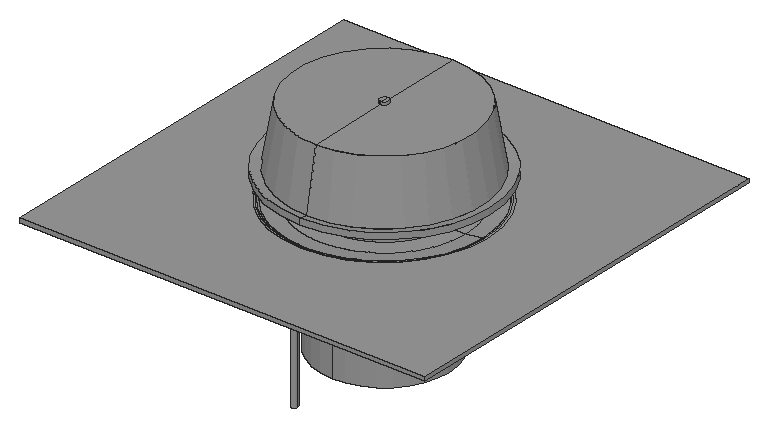
Revit family "HL_RU_Roof drain_HL62.1HSafe-B-221103", category Instalační zařizovací předměty, Revit 2021
Family settings
  Kóta kulaté spojky = Použít průměr
  Typ dílu = Normální
  Číslo OmniClass = 23.70.50.21.24.14
  Nadpis OmniClass = Deck Waste Water Drains
  Založené na pracovní rovině = Ne
  Vždy vertikální = Ano
  Ořezat dutým tvarem při načtení = Ne
  Sdílené = Ne
  Bod výpočtu místnosti = Ano
Parameters (values of type "HL_Кровельная воронка_HL62.1HSafe_5")
  РЕШЁТКА = "Laubfangkorb d 262 mm"
  РАЗМЕР = "DN160"
  ПРОПУСКНАЯ СПОСОБНОСТЬ [instance] = 0.0 L/s
  ПРОИЗВОДИТЕЛЬНОСТЬ = "l/s"
  ПРАВОВАЯ ИНФОРМАЦИЯ = "Авторские права(©), права на дизайн или какие либо другие права интелектуальной собственности являются исключительной собственностью компании HL Hutterer & Lechner. Изменению не подлежит. Файл семейства с данными о прозводителе изделия защищен паролем с водяным знаком."
  НОМИНАЛЬНЫЙ ДИАМЕТР = 160 mm
  МАТЕРИАЛ = "PP"
  ВЫСОТА МОНТАЖА = "100mm"
  ВЕС = "3,631 [kg]"
  Výchozí výška = 0 mm
  Výrobce = "HL Hutterer & Lechner GmbH"  # constant formula
  URL = "http://www.hutterer-lechner.com/ru/products/catalog/roof-drains/HL62.1HSafe/5.aspx"
  Материал плитка [instance] = none
  Přípoj ventilace = no
  Přípoj odpadních dílů = yes
  Přípoj HW = no
  Přípoj CW = no
  Popis = "Кровельные воронки"
  Model = "HL62.1HSafe_5"
  Assembly Code = " "
  Komentáře k typům = "HL62.1HSafe/5, Воронка для аварийного водостока DN160 с электрообогревом, с полимербитумным полотном, с возможностью регулировки толщины слоя воды"
  Keynote = "HL62.1HSafe_5"
  EAN = "9003076040698"
  Bысота монтажа [instance] = 28 mm  # constant formula
  G [instance] = 180.00°  # constant formula
  D [instance] = if(НОМИНАЛЬНЫЙ ДИАМЕТР = 160 mm, 64.6 mm, 71.7 mm) + Bысота монтажа  # 92.6 mm
  C [instance] = if(Bысота монтажа - 68 mm < 0 mm, 0 mm, Bысота монтажа - 68 mm)  # 0 mm
  B [instance] = 100 mm  # constant formula
  A [instance] = if(B - 100 mm > 15 mm, B - 100 mm, 15 mm)  # 15 mm
Types (5, lengths in mm): name | РАЗМЕР | НОМИНАЛЬНЫЙ ДИАМЕТР | ВЕС | URL | Model | Komentáře k typům | Keynote | EAN | D
  (no name) | "DN75" | 75 | "3,371 [kg]" | "http://www.hutterer-lechner.com/ru/products/catalog/roof-drains/HL62.1HSafe/7.aspx" | "HL62.1HSafe_7" | "HL62.1HSafe/7, Воронка для аварийного водостока DN75 с электрообогревом, с полимербитумным полотном, с возможностью регулировки толщины слоя воды" | "HL62.1HSafe_7" | "9003076040704" | 99.7
  HL_Кровельная воронка_HL62.1HSafe_1 | "DN110" | 110 | "3,611 [kg]" | "http://www.hutterer-lechner.com/ru/products/catalog/roof-drains/HL62.1HSafe/1.aspx" | "HL62.1HSafe_1" | "HL62.1HSafe/1, Воронка для аварийного водостока DN110 с электрообогревом, с полимербитумным полотном, с возможностью регулировки толщины слоя воды" | "HL62.1HSafe_1" | "9003076040674" | 99.7
  HL_Кровельная воронка_HL62.1HSafe_2 | "DN125" | 125 | "3,621 [kg]" | "http://www.hutterer-lechner.com/ru/products/catalog/roof-drains/HL62.1HSafe/2.aspx" | "HL62.1HSafe_2" | "HL62.1HSafe/2, Воронка для аварийного водостока DN125 с электрообогревом, с полимербитумным полотном, с возможностью регулировки толщины слоя воды" | "HL62.1HSafe_2" | "9003076040681" | 99.7
  HL_Кровельная воронка_HL62.1HSafe_5 | "DN160" | 160 | "3,631 [kg]" | "http://www.hutterer-lechner.com/ru/products/catalog/roof-drains/HL62.1HSafe/5.aspx" | "HL62.1HSafe_5" | "HL62.1HSafe/5, Воронка для аварийного водостока DN160 с электрообогревом, с полимербитумным полотном, с возможностью регулировки толщины слоя воды" | "HL62.1HSafe_5" | "9003076040698" | 92.6
  HL_Кровельная воронка_HL62.1HSafe_7 | "DN75" | 75 | "3,371 [kg]" | "http://www.hutterer-lechner.com/ru/products/catalog/roof-drains/HL62.1HSafe/7.aspx" | "HL62.1HSafe_7" | "HL62.1HSafe/7, Воронка для аварийного водостока DN75 с электрообогревом, с полимербитумным полотном, с возможностью регулировки толщины слоя воды" | "HL62.1HSafe_7" | "9003076040704" | 99.7
Reference planes
  plane 1 "Center (Front/Back)": y = 0
  plane 2: z = 0
  plane 3 "Center (Left/Right)": x = 0
  plane 4: z = -100
  plane 5: z = -28
Lines and regions (mm)
  model lines, style "InvisibleLines"
    curve 1: line (0, 0, 0) -> (0, 0, 20)
  model lines, style "PlumbingFixtures", detail levels coarse+medium
    curve 2: line (0, 0, -100) -> (0, 0, -85)
    curve 3: line (0, 0, -85) -> (-85, 0, 0)
    curve 4: line (0, 0, -85) -> (85, 0, 0)
    curve 6: line (0, 0, -100) -> (0, 0, -192.6)
  reference lines, not visible
    curve 5: line (0, 0, -100) -> (0, 0, -192.6)
  symbolic lines, style "PlumbingFixtures", detail levels coarse+medium
    curve 7: line (-75, 75, 0) -> (75, 75, 0)
    curve 8: line (-75, -75, 0) -> (-75, 75, 0)
    curve 9: line (75, -75, 0) -> (-75, -75, 0)
    curve 10: line (75, 75, 0) -> (75, -75, 0)
    curve 11: line (-75, 75, 0) -> (-145.711, 145.711, 0)
    curve 12: line (75, 75, 0) -> (145.711, 145.711, 0)
    curve 13: line (-75, -75, 0) -> (-145.711, -145.711, 0)
    curve 14: line (75, -75, 0) -> (145.711, -145.711, 0)
  symbolic lines, style "PlumbingFixtures", not visible, detail levels coarse+medium
    curve 15: line (-75, 75, 0) -> (75, 75, 0)
    curve 16: line (-75, -75, 0) -> (-75, 75, 0)
    curve 17: line (75, -75, 0) -> (-75, -75, 0)
    curve 18: line (75, 75, 0) -> (75, -75, 0)
    curve 19: line (-75, 75, 0) -> (-145.711, 145.711, 0)
    curve 20: line (75, 75, 0) -> (145.711, 145.711, 0)
    curve 21: line (-75, -75, 0) -> (-145.711, -145.711, 0)
    curve 22: line (75, -75, 0) -> (145.711, -145.711, 0)
Text (mm)
  text "FLOOR" at (-162.344, 0, -10.979), in view "Drain Construction View"
Dimensions and locks
  "B": plane 2 to plane 4
  "Bысота монтажа": plane 2 to plane 5
  "A": curve 4 to plane 4
  "D": curve 5 to curve 5
  "D": curve 6 to curve 6
  locked: curve 4 to plane 3 "Center (Left/Right)" (angle 45.00°)
  locked: plane 3 "Center (Left/Right)" to curve 3 (angle 45.00°)
  "G": angle curve 5 to plane 3 "Center (Left/Right)"
  aligned and locked: level to plane 2
  aligned and locked: plane 2 to curve 4
  aligned and locked: plane 2 to curve 3
  aligned and locked: plane 4 to curve 5
  aligned and locked: plane 3 "Center (Left/Right)" to curve 5
  aligned and locked: plane 4 to curve 2
  aligned and locked: curve 6 to plane 3 "Center (Left/Right)"
  aligned and locked: curve 6 to plane 4
  aligned and locked: nested 1 to plane 3 "Center (Left/Right)"
  aligned and locked: nested 1 to plane 5
  aligned and locked: nested 2 to plane 2
  aligned and locked: plane 3 "Center (Left/Right)" to nested 2
Automatic sketch dimensions
  curve 2 to plane 3 "Center (Left/Right)" = 0 mm
  curve 1 to plane 3 "Center (Left/Right)" = 0 mm
  curve 1 to level = 0 mm
  level to curve 1 = 20 mm
Nested families
  nested 1: "HL_кровельные воронки - корпус_HL62.1H" at (0, 0, -32.7), НОМИНАЛЬНЫЙ ДИАМЕТР <- "НОМИНАЛЬНЫЙ ДИАМЕТР", type "HL_кровельные воронки - корпус_HL62.1H"
    with НОМИНАЛЬНЫЙ ДИАМЕТР 160 mm, OOD 111 mm, L 57.9 mm
  nested 2: "HL_Вспомогательные материалы-Противопожарная защита_HL062.1Safe" at (0, 0, 0), Bысота монтажа <- "Bысота монтажа", type "HL_Вспомогательные материалы-Противопожарная защита_HL062.1Safe"
    with Пропускная способность 0.0 L/s, L 58 mm, IHmin 28 mm, IHmax 68 mm, Bысота монтажа 28 mm
Connectors
  piping at (0, 0, -192.6), diameter 160, driven by "ПРОПУСКНАЯ СПОСОБНОСТЬ", driven by "НОМИНАЛЬНЫЙ ДИАМЕТР"
    settings: on curve 5, index 1, connector inside diameter 609.6 mm, connector length 0 mm, flow factor 0, pipe flow 0.0 L/s, pressure drop 0.0 Pa, fitting loss kfactor 0, connector angle 0.00°, fixture units 0, engagement length 0 mm, angle of deflection 0.00°, flow configuration 1, flow direction 2, fitting loss method 0, system type 16, joint type 0, gender type 0, connector reference index -1, connector utility 0, adjustable connector yes, is connector primary yes, connector description ""
Definition of nested family "HL_кровельные воронки - корпус_HL62.1H"
  Parameters (values of type "HL_кровельные воронки - корпус_HL62.1H")
    НОМИНАЛЬНЫЙ ДИАМЕТР [instance] = 110 mm
    Default Elevation = 0 mm
    Manufacturer = ""
    URL = ""
    Description = ""
    OOD [instance] = if(НОМИНАЛЬНЫЙ ДИАМЕТР = 75 mm, 48 mm, if(НОМИНАЛЬНЫЙ ДИАМЕТР = 110 mm, 63.7 mm, if(НОМИНАЛЬНЫЙ ДИАМЕТР = 125 mm, 69 mm, if(НОМИНАЛЬНЫЙ ДИАМЕТР = 160 mm, 111 mm, 0 mm))))  # 63.7 mm
    Model = ""
    L [instance] = if(НОМИНАЛЬНЫЙ ДИАМЕТР = 160 mm, 57.9 mm, 65 mm)  # 65 mm
    Type Comments = ""
    Cost = 0
  Reference planes
    plane 1 "Střed (vpředu/vzadu)": y = 0
    plane 2: z = 0
    plane 3 "Střed (vlevo/vpravo)": x = 0
    plane 4: z = -102.02
  Forms (mm)
    Revolve 1, solid, detail levels fine
      sketch origin (0, 0, 0) x (1, 0, 0) y (0, 0, 1)
        loop
          line (-77.396, -30.784) -> (-82.772, -25.408) -> (-82.772, -4.05) -> (-102.772, -4.05) -> (-113.899, 0) -> (-177, 0) -> (-177, -3) -> (-127.89, -3) -> (-105.416, -11.18) -> (-88.084, -11.18) -> (-88.084, -27.167) -> (-79.985, -31.474) -> (-79.985, -102.02) -> (0, -102.02) -> (0, -35.37) -> (-76.081, -35.37) -> (-77.396, -30.784)
        axis (0, 0) -> (0, -102.02)
      angle from 0 to 360
    Extrusion 2, solid, detail levels fine
      sketch origin (0, 0, 0) x (1, 0, 0) y (0, 1, 0)
        loop
          line (-250, 250) -> (-250, -250) -> (250, -250) -> (250, 250) -> (-250, 250)
        loop
          circle (0, 0) r 127.89
      from 0 to 4.7
    Sweep 3, solid, detail levels fine
      path origin (-63.7, 0, -263.782) x (0, 0, 1) y (-1, 0, 0)
        loop
          line (0, 0) -> (166.285, 0)
          arc (166.285, 0) -> (176.156, -4.089) -> (180.245, -13.96) r 13.96
          line (180.245, -13.96) -> (180.245, -31.056)
      profile origin (-63.7, 0, -180.64) x (-1, 0, 0) y (0, -1, 0)
        loop
          circle (0, 0) r 4
    Revolve 4, solid, detail levels fine
      sketch origin (0, 0, 0) x (1, 0, 0) y (0, 0, 1)
        loop
          line (-124.587, 4.544) -> (-123.526, 3.482) -> (-101.674, 0.256) -> (-79.715, 0.256) -> (-79.715, -21.456) -> (-75.875, -21.456) -> (-75.875, -25.656) -> (-74.936, -25.656) -> (-74.936, -20.879) -> (-79.089, -20.879) -> (-79.089, 1.344) -> (-101.196, 1.344) -> (-121.893, 3.519) -> (-123.356, 4.544) -> (-124.587, 4.544)
        axis (0, 4.544) -> (0, -25.656)
      angle from 0 to 360
    Extrusion 5, solid, detail levels fine
      sketch origin (-79.985, 0, -102.02) x (0, -1, 0) y (-1, 0, 0)
        loop
          circle (0, -79.985) r 55
      from 0 to 65
  Lines and regions (mm)
    reference lines
      curve 1: line (-63.7, 0, -263.782) -> (-63.7, 0, -203.782)
  Dimensions and locks
    "OOD": plane 3 "Střed (vlevo/vpravo)" to curve 1
    "L": plane 4 to Extrusion 5
    "НОМИНАЛЬНЫЙ ДИАМЕТР": diameter of Extrusion 5 sketch curve
    aligned and locked: level to plane 2
    aligned and locked: Extrusion 5 to plane 4
  Automatic sketch dimensions
    Revolve 1 sketch curve to level = 0 mm
    Revolve 1 sketch curve to plane 3 "Střed (vlevo/vpravo)" = 0 mm  (x2)
    Revolve 1 sketch curve to level = 35.37 mm
    Revolve 1 sketch curve to plane 3 "Střed (vlevo/vpravo)" = 76.081 mm
    Revolve 1 sketch curve to level = 30.784 mm
    Revolve 1 sketch curve to Revolve 1 sketch curve = 1.315 mm
    Revolve 1 sketch curve to Revolve 1 sketch curve = 3.904 mm
    Revolve 1 sketch curve to level = 4.05 mm
    Revolve 1 sketch curve to Revolve 1 sketch curve = 5.376 mm
    Revolve 1 sketch curve to Revolve 1 sketch curve = 5.312 mm
    Revolve 1 sketch curve to Revolve 1 sketch curve = 14.688 mm
    Revolve 1 sketch curve to Revolve 1 sketch curve = 2.644 mm
    Revolve 1 sketch curve to Revolve 1 sketch curve = 11.127 mm
    Revolve 1 sketch curve to level = 3 mm
    Revolve 1 sketch curve to Revolve 1 sketch curve = 13.991 mm
    Revolve 1 sketch curve to Revolve 1 sketch curve = 49.11 mm
    Revolve 1 sketch curve to Revolve 1 sketch curve = 66.65 mm
    Revolve 1 sketch curve to Revolve 1 sketch curve = 0.689 mm
    Revolve 1 sketch curve to Revolve 1 sketch curve = 4.306 mm
    Revolve 1 sketch curve to Revolve 1 sketch curve = 1.759 mm
    Revolve 1 sketch curve to Revolve 1 sketch curve = 7.13 mm
    Revolve 1 sketch curve to Revolve 1 sketch curve = 197.98 mm
    level to Revolve 1 sketch curve = 295.621 mm
    plane 1 "Střed (vpředu/vzadu)" to Extrusion 2 sketch curve = 0 mm
    Extrusion 2 sketch curve to plane 3 "Střed (vlevo/vpravo)" = 0 mm
    Extrusion 2 sketch curve to plane 3 "Střed (vlevo/vpravo)" = 250 mm
    plane 3 "Střed (vlevo/vpravo)" to Extrusion 2 sketch curve = 250 mm
    plane 1 "Střed (vpředu/vzadu)" to Extrusion 2 sketch curve = 250 mm
    Extrusion 2 sketch curve to plane 1 "Střed (vpředu/vzadu)" = 250 mm
    plane 1 "Střed (vpředu/vzadu)" to Sweep 3 sketch curve = 0 mm
    Sweep 3 sketch curve to profile plane = 0 mm
    Revolve 4 sketch curve to plane 3 "Střed (vlevo/vpravo)" = 0 mm
    Revolve 4 sketch curve to level = 25.656 mm
    Revolve 4 sketch curve to plane 3 "Střed (vlevo/vpravo)" = 74.936 mm
    Revolve 4 sketch curve to Revolve 4 sketch curve = 0.939 mm
    level to Revolve 4 sketch curve = 1.344 mm
    Revolve 4 sketch curve to Revolve 4 sketch curve = 4.153 mm
    Revolve 4 sketch curve to Revolve 4 sketch curve = 0.626 mm
    Revolve 4 sketch curve to Revolve 4 sketch curve = 21.481 mm
    level to Revolve 4 sketch curve = 0.256 mm
    Revolve 4 sketch curve to Revolve 4 sketch curve = 0.479 mm
    level to Revolve 4 sketch curve = 3.519 mm
    Revolve 4 sketch curve to Revolve 4 sketch curve = 20.219 mm
    level to Revolve 4 sketch curve = 4.544 mm
    Revolve 4 sketch curve to Revolve 4 sketch curve = 1.463 mm
    level to Revolve 4 sketch curve = 3.482 mm
    Revolve 4 sketch curve to Revolve 4 sketch curve = 0.169 mm
    Revolve 4 sketch curve to Revolve 4 sketch curve = 1.231 mm
    Revolve 4 sketch curve to Revolve 4 sketch curve = 4.2 mm
    Revolve 4 sketch curve to Revolve 4 sketch curve = 0.577 mm
    Revolve 4 sketch curve to Revolve 4 sketch curve = 274.344 mm
    level to Revolve 4 sketch curve = 295.621 mm
    Sweep 3 sketch curve to curve 1 = 0 mm  (x2)
    Sweep 3 sketch curve to Sweep 3 sketch curve = 17.096 mm
    curve 1 to Sweep 3 sketch curve = 13.96 mm
    curve 1 to Sweep 3 sketch curve = 106.285 mm
    plane 4 to curve 1 = 161.762 mm
    curve 1 to curve 1 = 60 mm
    plane 1 "Střed (vpředu/vzadu)" to Extrusion 5 sketch curve = 0 mm
    Extrusion 5 sketch curve to plane 3 "Střed (vlevo/vpravo)" = 0 mm
    radius of Extrusion 2 sketch curve = 127.89 mm
    radius of Sweep 3 sketch curve = 4 mm
Definition of nested family "HL_Вспомогательные материалы-Противопожарная защита_HL062.1Safe"
  Parameters (values of type "HL_Вспомогательные материалы-Противопожарная защита_HL062.1Safe")
    РЕШЁТКА = "Laubfangkorb d 262 mm"
    ПРАВОВАЯ ИНФОРМАЦИЯ = "Авторские права(©), права на дизайн или какие либо другие права интелектуальной собственности являются исключительной собственностью компании HL Hutterer & Lechner. Изменению не подлежит. Файл семейства с данными о прозводителе изделия защищен паролем с водяным знаком."
    МАТЕРИАЛ = "PP"
    ВЕС = "1,25 [kg]"
    Default Elevation = 0 mm
    Manufacturer = "HL Hutterer & Lechner GmbH"
    URL = "http://www.hutterer-lechner.com/ru/products/catalog/roof-drains/HL062.1Safe.aspx"
    Материал плитка = none
    Description = "Кровельные воронки"
    Model = "HL062.1Safe"
    L [instance] = if(Bысота монтажа < IHmin, -100 mm, if(Bысота монтажа > IHmax, -100 mm, Bысота монтажа + 30 mm))  # 58 mm
    Type Comments = "HL062.1Safe, Вставка в воронку для аварийного водоотведения"
    Keynote = "HL062.1Safe"
    Bысота монтажа [instance] = 28 mm
    IHmin [instance] = 28 mm
    IHmax [instance] = 68 mm
    Пропускная способность [instance] = 0.0 L/s
    EAN = "9003076040605"
    Cost = 0
  Reference planes
    plane 1 "Střed (vpředu/vzadu)": y = 0
    plane 2: z = 0
    plane 3 "Střed (vlevo/vpravo)": x = 0
  Forms (mm)
    Revolve 1, solid, detail levels fine
      sketch origin (0, 0, 0) x (0, 1, 0) y (0, 0, 1)
        loop
          line (0, 81.1) -> (-5.25, 81.1) -> (-5.25, 78.5) -> (-106.614, 78.5) -> (-119.486, 5.5) -> (-101.611, 5.5) -> (-90.568, 68.124) -> (0, 68.124) -> (0, 81.1)
        axis (0, 81.1) -> (0, 5.5)
      angle from 0 to 360
    Extrusion 2, solid, detail levels fine
      sketch origin (0, 0, 68.124) x (-1, 0, 0) y (0, 1, 0)
        loop
          circle (-50, 0) r 11.945
      from 0 to 82.224
    Extrusion 3, solid, detail levels fine
      sketch origin (-100, 0, 68.124) x (-1, 0, 0) y (0, 1, 0)
        loop
          circle (-50, 0) r 11.945
      from 0 to 82.224
    Revolve 4, solid, detail levels fine
      sketch origin (0, 0, 0) x (0, 1, 0) y (0, 0, 1)
        loop
          line (-130.983, 7.735) -> (-130.983, 0) -> (-69.061, 0) -> (-64.445, -4.616) -> (-64.445, -65.123) -> (-63.068, -66.5) -> (-58.068, -66.5) -> (-58.068, -4.58) -> (-68.148, 5.5) -> (-119.486, 5.5) -> (-130.983, 7.735)
        axis (0, 7.735) -> (0, -66.5)
      angle from 0 to 360
    Revolve 5, solid, detail levels fine
      sketch origin (0, 69.895, -58) x (0, -1, 0) y (0, 0, -1)
        loop
          line (149.29, -29.5) -> (149.29, -9.5) -> (139.79, 0) -> (134.34, 0) -> (134.34, -44) -> (138.069, -44) -> (138.069, -29.5) -> (149.29, -29.5)
        axis (69.895, -44) -> (69.895, 0)
      angle from 0 to 360
  Lines and regions (mm)
    reference lines
      curve 1: line (0, 69.895, -58) -> (0, -190.105, -58)
  Dimensions and locks
    "L": curve 1 to plane 2
    aligned and locked: level to plane 2
  Automatic sketch dimensions
    Revolve 1 sketch curve to plane 1 "Střed (vpředu/vzadu)" = 0 mm  (x2)
    plane 1 "Střed (vpředu/vzadu)" to Revolve 1 sketch curve = 5.25 mm
    Revolve 1 sketch curve to Revolve 1 sketch curve = 85.318 mm
    level to Revolve 1 sketch curve = 5.5 mm
    Revolve 1 sketch curve to Revolve 1 sketch curve = 11.042 mm
    Revolve 1 sketch curve to Revolve 1 sketch curve = 16.046 mm
    Revolve 1 sketch curve to Revolve 1 sketch curve = 17.876 mm
    Revolve 1 sketch curve to Revolve 1 sketch curve = 62.624 mm
    Revolve 1 sketch curve to Revolve 1 sketch curve = 10.376 mm
    Revolve 1 sketch curve to Revolve 1 sketch curve = 2.6 mm
    Revolve 1 sketch curve to Revolve 1 sketch curve = 40 mm
    Revolve 1 sketch curve to Revolve 1 sketch curve = 25 mm
    Extrusion 2 sketch curve to Revolve 1 = 50 mm
    Revolve 1 to Extrusion 3 sketch curve = 50 mm
    level to Revolve 4 sketch curve = 0 mm
    Revolve 4 sketch curve to plane 1 "Střed (vpředu/vzadu)" = 0 mm
    plane 1 "Střed (vpředu/vzadu)" to Revolve 4 sketch curve = 58.068 mm
    Revolve 4 sketch curve to Revolve 4 sketch curve = 5 mm
    Revolve 4 sketch curve to Revolve 4 sketch curve = 1.377 mm  (x2)
    Revolve 4 sketch curve to Revolve 4 sketch curve = 3.703 mm
    Revolve 4 sketch curve to Revolve 4 sketch curve = 0.913 mm
    level to Revolve 4 sketch curve = 5.5 mm
    Revolve 4 sketch curve to Revolve 4 sketch curve = 50.425 mm
    Revolve 4 sketch curve to Revolve 4 sketch curve = 11.497 mm
    Revolve 4 sketch curve to level = 4.58 mm
    Revolve 4 sketch curve to level = 4.616 mm
    Revolve 4 sketch curve to Revolve 4 sketch curve = 60.507 mm
    level to Revolve 4 sketch curve = 7.735 mm
    Revolve 4 sketch curve to Revolve 4 sketch curve = 10 mm
    Revolve 4 sketch curve to Revolve 4 sketch curve = 35 mm
    Revolve 5 sketch curve to curve 1 = 0 mm
    curve 1 to Revolve 5 sketch curve = 44 mm
    Revolve 5 sketch curve to curve 1 = 125.66 mm
    Revolve 5 sketch curve to Revolve 5 sketch curve = 3.729 mm
    Revolve 5 sketch curve to Revolve 5 sketch curve = 5.45 mm
    Revolve 5 sketch curve to Revolve 5 sketch curve = 11.221 mm
    Revolve 5 sketch curve to Revolve 5 sketch curve = 14.5 mm
    curve 1 to Revolve 5 sketch curve = 9.5 mm
    curve 1 to Revolve 5 sketch curve = 69.895 mm
    Revolve 5 sketch curve to curve 1 = 15 mm
    Revolve 5 sketch curve to Revolve 5 sketch curve = 40 mm
    plane 1 "Střed (vpředu/vzadu)" to curve 1 = 190.105 mm
    curve 1 to plane 1 "Střed (vpředu/vzadu)" = 69.895 mm
    radius of Extrusion 2 sketch curve = 11.945 mm
    radius of Extrusion 3 sketch curve = 11.945 mm
